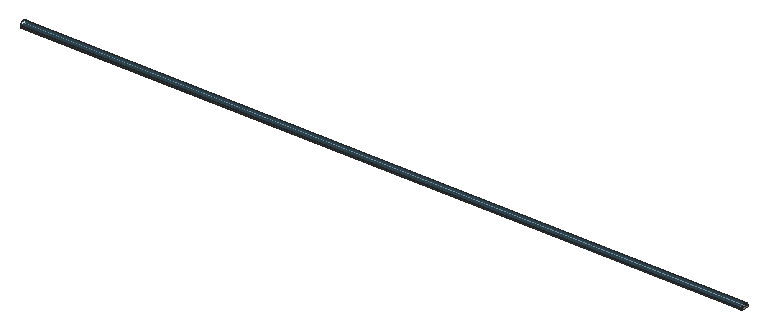
Revit family "PS1408", category Luminarias, Revit 2019
Family settings
  Cota de conector redondo = Diámetro de uso
  Tipo de pieza = Normal
  Se basa en plano de trabajo = Sí
  Siempre vertical = No
  Corte con vacíos al cargar = No
  Origen de luz = No
  Compartido = Sí
  Punto de cálculo de habitación = No
Parameters (values of type "PERFIL_PS1408")
  Tapa Final 1408.1 = 1
  Keynote = ""
  Modelo = "PS1408"
  Lamp = ""
  Longitud = 1200 mm
  Fabricante = "BRILLANT"
  Default Elevation = 1219.2 mm
  Descripción = "PERFIL DE ALUMINIO CON DIFUSOR LECHOSO, PARA ALOJAR HASTA DOS TIRAS LUMINOSAS (DEPENDIENDO EL MODELO), PERFIL DE COLOCACION DE 11MM DE ANCHO. INSTALACION SOBRE SUPERFICIES PLANAS, PERFIL DE SOBREPONER. IDEAL PARA ATENUAR EL BRILLO E INCORPORAR LA LUZ AL AMBIENTE.PRESENTACION DESDE 0.5 - 3 METROS, REQUEIRE ACCESORIOS COMO TAPA FINAL (CONSIDERAR 1 POR SEGMENTO DE PERFIL), CLIPS DE SUJECION LINEAL (CONSIDERAR 3 PZAS POR SEGMENTO DE PERFIL)."
  Costo USD_PS1408 [instance] = (Longitud / 1200 mm) * (7)  # 7
  Wattage Comments = ""
  Clips de Sujecion 1408.2 = (Longitud / 1200 mm) * (3)  # 3
Reference planes
  plane 1 "Centro (Frontal/Posterior)": y = 0
  plane 2: z = 0
  plane 3 "Centro (Izquierda/Derecha)": x = 0
  plane 4: x = -1200
Forms (mm)
  Extrusion 1, solid, material "Aluminio"
    sketch origin (37.527, 0, 32.853) x (0, 0, 1) y (0, -1, 0)
      loop
        line (-32.853, 5.5) -> (-32.853, -5.5) -> (-32.053, -5.5) -> (-32.053, -4.593) -> (-31.253, -4.593) -> (-31.253, -5.5) -> (-30.453, -5.5) -> (-30.453, -0.581) -> (-31.034, 0) -> (-30.453, 0.581) -> (-30.453, 5.5) -> (-31.253, 5.5) -> (-31.253, 4.593) -> (-32.053, 4.593) -> (-32.053, 5.5) -> (-32.853, 5.5)
    from -1237.527 to -37.527
  Extrusion 2, solid, material "Difusor Lechoso"
    sketch origin (22.394, 0, 27.494) x (0, 0, 1) y (0, -1, 0)
      loop
        line (-25.094, -5.5) -> (-25.894, -5.5) -> (-25.894, -4.593) -> (-26.694, -4.593) -> (-26.694, -5.5) -> (-27.494, -5.5) -> (-27.494, -6.9) -> (-25.094, -6.9)
        spline (-25.094, -6.9) -> (-23.645, -6.665) -> (-22.294, -5.976) -> (-21.135, -4.879) -> (-20.245, -3.45) -> (-19.685, -1.786) -> (-19.494, 0) -> (-19.685, 1.786) -> (-20.245, 3.45) -> (-21.135, 4.879) -> (-22.294, 5.976) -> (-23.645, 6.665) -> (-25.094, 6.9)
        line (-25.094, 6.9) -> (-27.494, 6.9) -> (-27.494, 5.5) -> (-26.694, 5.5) -> (-26.694, 4.593) -> (-25.894, 4.593) -> (-25.894, 5.5) -> (-25.094, 5.5) -> (-25.094, 4.593) -> (-24.294, 4.593) -> (-24.294, 5.418)
        spline (-24.294, 5.418) -> (-23.315, 5.233) -> (-22.402, 4.692) -> (-21.618, 3.831) -> (-21.017, 2.709) -> (-20.639, 1.402) -> (-20.51, 0) -> (-20.639, -1.402) -> (-21.017, -2.709) -> (-21.618, -3.831) -> (-22.402, -4.692) -> (-23.315, -5.233) -> (-24.294, -5.418)
        line (-24.294, -5.418) -> (-24.294, -4.593) -> (-25.094, -4.593) -> (-25.094, -5.5)
    from -1222.394 to -22.394
Dimensions and locks
  "Longitud": plane 3 "Centro (Izquierda/Derecha)" to plane 4
  "Longitud": plane 4 to plane 3 "Centro (Izquierda/Derecha)"
  Extrusion 1 sketch curve to Extrusion 1 sketch curve = 11 mm
  Extrusion 2 to Extrusion 2 = 11 mm
  Extrusion 2 to Extrusion 2 = 13.8 mm
  aligned and locked: level to plane 2
  aligned and locked: plane 4 to Extrusion 1
  aligned and locked: plane 3 "Centro (Izquierda/Derecha)" to Extrusion 1
  aligned and locked: plane 4 to Extrusion 2
  aligned and locked: plane 3 "Centro (Izquierda/Derecha)" to Extrusion 2
Automatic sketch dimensions
  Extrusion 1 sketch curve to level = 0 mm
  Extrusion 1 sketch curve to plane 1 "Centro (Frontal/Posterior)" = 0 mm
  level to Extrusion 1 sketch curve = 0.8 mm  (x2)
  Extrusion 1 sketch curve to Extrusion 1 sketch curve = 0.8 mm  (x3)
  level to Extrusion 1 sketch curve = 1.819 mm
  plane 1 "Centro (Frontal/Posterior)" to Extrusion 1 sketch curve = 0.581 mm
  Extrusion 1 sketch curve to Extrusion 1 sketch curve = 0.581 mm
  Extrusion 1 sketch curve to Extrusion 1 sketch curve = 4.011 mm
  Extrusion 1 sketch curve to Extrusion 1 sketch curve = 0.907 mm  (x2)
  Extrusion 1 sketch curve to Extrusion 1 sketch curve = 0 mm  (x2)
  Extrusion 2 sketch curve to level = 0 mm  (x2)
  Extrusion 2 sketch curve to plane 1 "Centro (Frontal/Posterior)" = 0 mm  (x2)
  Extrusion 2 sketch curve to Extrusion 2 sketch curve = 0.8 mm  (x8)
  Extrusion 2 sketch curve to plane 1 "Centro (Frontal/Posterior)" = 4.593 mm
  Extrusion 2 sketch curve to Extrusion 2 sketch curve = 0 mm  (x2)
  Extrusion 2 sketch curve to Extrusion 2 sketch curve = 0.825 mm  (x2)
  Extrusion 2 sketch curve to Extrusion 2 sketch curve = 0.082 mm
  Extrusion 2 sketch curve to Extrusion 2 sketch curve = 0.907 mm  (x2)
  Extrusion 2 sketch curve to Extrusion 2 sketch curve = 1.4 mm
  Extrusion 2 sketch curve to Extrusion 2 sketch curve = 2.307 mm
